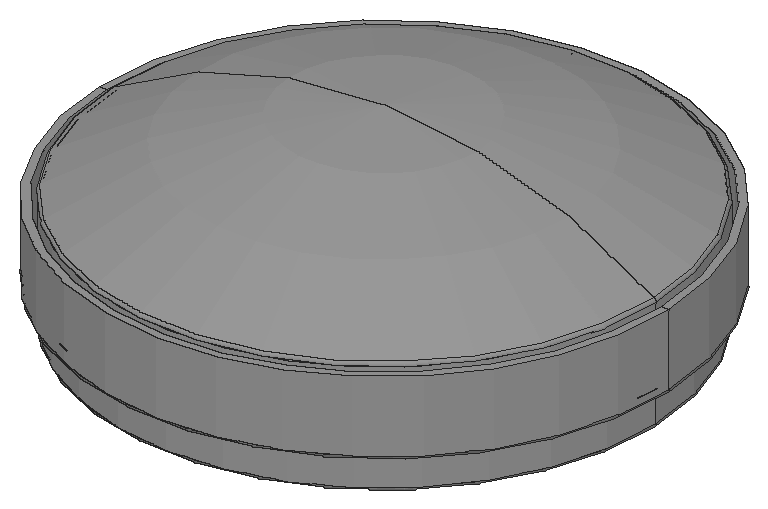
Revit family "3034769 Sylvania Lighting Fixture GIOTTO305 LED G2 3000K SURFACE 1-10V ", category Lighting Fixtures, host Face, Revit 2016
Family settings
  Host = Face
  Part Type = Normal
  Round Connector Dimension = Use Diameter
  OmniClass Number = 23.80.70.00
  OmniClass Title = Lighting
  Cut with Voids When Loaded = No
  Light Source = Yes
  Shared = No
  Room Calculation Point = No
Parameters (values of type "3034769 GIOTTO305 LED G2 3000K SURFACE 1-10V ")
  Weight = "1.11 kg"
  Wattage Comments = ""
  Wattage = 19 W
  WarrantyStartDate [instance] = "n/a"
  WarrantyGuarantorParts = "n/a"
  WarrantyDurationUnit = "n/a"
  WarrantyDurationParts = "n/a"
  WarrantyDescription = "n/a"
  built-in parameter 1150110 = 1 (stored number, unit not read)
  Voltage = 0 V
  URL = "http://www.sylvania-lighting.com"
  TypeName = "GIOTTO305 LED G2 3000K SURFACE 1-10V"
  Type Image = <None>
  Type Comments = "n/a"
  built-in parameter 1114217 = 1 (stored number, unit not read)
  Tilt Angle = -90.00°
  built-in parameter 1150109 = 1 (stored number, unit not read)
  built-in parameter 1150134 = (empty or 0)
  built-in parameter 1150113 = 1 (stored number, unit not read)
  SerialNumber [instance] = "n/a"
  Photometric Web File = "3034769.ies"
  Material_3_SYL = LED-Sylvania
  PowerFactor = 0
  PowerConsumption = "19 W"
  NominalLength = 305 mm
  NominalHeight = 104 mm
  NominalDepth = 305 mm
  Name = "GIOTTO305 LED G2 3000K SURFACE 1-10V"
  ModelReference = Name  # "GIOTTO305 LED G2 3000K SURFACE 1-10V"
  ModelNumber = "3034769"
  Model = Name  # "GIOTTO305 LED G2 3000K SURFACE 1-10V"
  Material = "polycarbonate housing, polycarbonate diffuser"
  ManufacturerName = "Feilo Sylvania"
  Manufacturer = "Feilo Sylvania"
  LuminousEfficacy = "78 lm/W"
  built-in parameter 1150105 = 117.93 (stored number, unit not read)
  Lumens = 1482 lm
  LuminaireType = ""
  built-in parameter 1150115 = 1 (stored number, unit not read)
  LightOutputRatio = "n/a"
  built-in parameter 1150137 = (empty or 0)
  built-in parameter 1150139 = (empty or 0)
  LampsType = Lamp  # "LED"
  LampNominalLuminous = "1491 lm"
  LampMacAdamStep = "n/a"
  LampColourTemperature = "3000 K"
  LampColourRenderingIndex = "80"
  built-in parameter 1150112 = 1 (stored number, unit not read)
  built-in parameter 1150114 = 1 (stored number, unit not read)
  Lamp = "LED"
  Keynote = "16500"
  InstallationDate [instance] = "n/a"
  InputVoltage = "n/a"
  InputNominalFrequency = "n/a"
  built-in parameter 1150132 = (empty or 0)
  built-in parameter 1150102 = (empty or 0)
  built-in parameter 1150107 = 3000 (stored number, unit not read)
  built-in parameter 1150138 = (empty or 0)
  IngressProtection = "IP44"
  ImpactProtectionIndex = "IK10"
  built-in parameter 1150106 = 1.1793 (stored number, unit not read)
  IfcExportType = "IfcLightFixtureType"
  IfcExportAs = "IfcLightFixtureType"
  Height_SYL = 104 mm
  ExpectedLife = 50000
  Emit from Circle Diameter = 317 mm
  Emit Shape Visible in Rendering = no
  ElectricShockClassification = "Class I"
  built-in parameter 1150104 = 7.2464 (stored number, unit not read)
  DurationUnit = "hours"
  DocumentationLiterature = "http://www.sylvania-lighting.com/product/en-int/products/3034769"
  DimmingControlOptions = "n/a"
  Material_2_SYL = Polycarbonate_Sylvania_Giotto_Opal
  Dimming Lamp Color Temperature Shift = <None>
  DiffuserRadius_SYL = 282.611 mm
  Diameter_SYL = 305 mm
  Description = "Ambient and decorative round, surface mounted LED bulkhead luminaire. White robust polycarbonate body with opal diffuser, 1491 lm, 19W, 78lm/W, 3000K, CRI 80, 1-10V dimmable, 50,000 hours lumen maintenance. Drive current: 700mA, IP44, IK10, Class I, 220-240V, Energy class: A++, A+, A."
  Default Elevation = 1219.2 mm
  CreatedOn = "11/7/2018"
  CreatedBy = "@sylvania-lighting.com"
  Cost = 0
  Color Filter = 16777215
  built-in parameter 1114216 [instance] = (empty or 0)
  ClassificationValue = "EF_70_80"
  ClassificationName = "Uniclass2015"
  Material_1_SYL = Polycarbonate_Sylvania_Giotto_White
  BarCode [instance] = "n/a"
  built-in parameter 1114218 = 1 (stored number, unit not read)
  built-in parameter 1150133 = 10 (stored number, unit not read)
  AssetType = "Fixed"
  AssetIdentifier [instance] = "n/a"
  Assembly Code = "D5020200"
  Apparent Load = 19 VA
  Material_4_SYL = none
Reference planes
  plane 1 "Center (Front/Back)": y = 0
  plane 2: z = 0
  plane 3 "Center (Left/Right)": x = 0
  plane 4: x = 152.5
  plane 5: x = -152.5
  plane 6: x = -145.5
  plane 7: x = -148.5
  plane 8: z = 104
  plane 9: z = 59
  plane 10: z = 19
  plane 11: z = 24
  plane 12: x = -150.9
  plane 13: z = 20.6
  plane 14: z = 1.6
  plane 15: x = -143.9
  plane 16: z = 18
  plane 17: x = -146.5
  plane 18: z = 25
  plane 19: z = 61
Forms (mm)
  Revolve 1, solid, material "Polycarbonate_Sylvania_Giotto_White" <- "Material_1_SYL"
    sketch origin (0, 0, 0) x (1, 0, 0) y (0, 0, 1)
      loop
        line (0, 0) -> (0, 25) -> (-143.9, 25) -> (-143.9, 24) -> (-148.5, 24) -> (-148.5, 59) -> (-152.5, 59) -> (-152.5, 20.6)
        arc (-152.5, 20.6) -> (-152.031, 19.469) -> (-150.9, 19) r 1.6
        line (-150.9, 19) -> (-146.5, 19)
        arc (-146.5, 19) -> (-145.793, 18.707) -> (-145.5, 18) r 1
        line (-145.5, 18) -> (-145.5, 1.6)
        arc (-145.5, 1.6) -> (-145.031, 0.469) -> (-143.9, 0) r 1.6
        line (-143.9, 0) -> (0, 0)
      axis (0, 59) -> (0, 0)
    angle from 360 to 0
  Revolve 2, solid, material "Polycarbonate_Sylvania_Giotto_Opal" <- "Material_2_SYL"
    sketch origin (0, 0, 0) x (1, 0, 0) y (0, 0, 1)
      loop
        line (-145.5, 24) -> (-143.9, 24) -> (-143.9, 59.636)
        arc (-143.9, 59.636) -> (-143.79, 60.068) -> (-143.485, 60.394) r 0.9
        arc (-143.485, 60.394) -> (-74.754, 91.683) -> (0, 102.4) r 266.066
        line (0, 102.4) -> (0, 104)
        arc (0, 104) -> (-75.203, 93.218) -> (-144.348, 61.742) r 267.666
        arc (-144.348, 61.742) -> (-145.193, 60.836) -> (-145.5, 59.636) r 2.5
        line (-145.5, 59.636) -> (-145.5, 24)
      axis (0, 104) -> (0, 24)
    angle from 360 to 0
Dimensions and locks
  equal spacing: plane 4, plane 3 "Center (Left/Right)", plane 5
  "Diameter_SYL": plane 4 to plane 5
  locked: plane 6 to plane 5 at 7
  locked: plane 7 to plane 5 at 4
  "Height_SYL": plane 8 to plane 2
  locked: plane 8 to plane 9 at 45
  locked: plane 9 to plane 10 at 40
  Revolve 1 sketch curve to Revolve 1 sketch curve = 4.4 mm
  locked: plane 11 to plane 10 at 5
  locked: plane 12 to plane 5 at 1.6
  locked: plane 13 to plane 10 at 1.6
  locked: plane 14 to plane 2 at 1.6
  locked: plane 15 to plane 6 at 1.6
  locked: plane 6 to plane 17 at 1
  locked: plane 10 to plane 16 at 1
  locked: plane 18 to plane 11 at 1
  locked: plane 19 to plane 9 at 2
  aligned and locked: plane 2 to host face
  aligned and locked: level to host face
  aligned and locked: Revolve 1 sketch curve to plane 3 "Center (Left/Right)"
  aligned and locked: level to Revolve 1 sketch curve
  aligned and locked: Revolve 1 sketch curve to plane 10
  aligned and locked: plane 9 to Revolve 1 sketch curve
  aligned and locked: Revolve 1 sketch curve to plane 7
  aligned and locked: plane 12 to Revolve 1 sketch curve  (x2)
  aligned and locked: plane 13 to Revolve 1 sketch curve  (x2)
  aligned and locked: plane 15 to Revolve 1 sketch curve  (x3)
  aligned and locked: plane 14 to Revolve 1 sketch curve  (x2)
  aligned and locked: plane 3 "Center (Left/Right)" to imposter light
  aligned and locked: imposter light to plane 1 "Center (Front/Back)"
  aligned and locked: plane 18 to Revolve 1 sketch curve
  aligned and locked: plane 11 to Revolve 1 sketch curve
  aligned and locked: imposter light to plane 8
  aligned and locked: plane 6 to Revolve 1 sketch curve
  aligned and locked: plane 17 to Revolve 1 sketch curve
  aligned and locked: plane 16 to Revolve 1 sketch curve
  aligned and locked: Revolve 2 sketch curve to plane 3 "Center (Left/Right)"
  aligned and locked: plane 6 to Revolve 2 sketch curve
  aligned and locked: plane 3 "Center (Left/Right)" to Revolve 2 sketch curve
  aligned and locked: plane 11 to Revolve 2 sketch curve
  aligned and locked: Revolve 2 sketch curve to imposter light
Automatic sketch dimensions
  host sketch curve to host sketch curve = 2438.4 mm  (x2)
  Revolve 1 sketch curve to plane 3 "Center (Left/Right)" = 0 mm
  Revolve 1 sketch curve to level = 609.6 mm
  Revolve 1 sketch curve to plane 8 = 2499.058 mm
  Revolve 2 sketch curve to Revolve 2 sketch curve = 0 mm  (x4)
  Revolve 2 sketch curve to plane 15 = 0 mm
  Revolve 2 sketch curve to plane 8 = 0 mm
  plane 15 to Revolve 2 sketch curve = 0.9 mm
  Revolve 2 sketch curve to level = 163.666 mm
  Revolve 2 sketch curve to plane 9 = 0.636 mm
  Revolve 2 sketch curve to Revolve 2 sketch curve = 445.934 mm
  Revolve 2 sketch curve to plane 8 = 2505.058 mm
Connectors
  electrical at (0, 0, 0), driven by "Apparent Load", driven by "PowerFactor", driven by "Voltage"
    settings: index 1, voltage 0 V, apparent load 19 VA, apparent load phase1 0 VA, apparent load phase2 0 VA, apparent load phase3 0 VA, power factor 0, load classification "Lighting", number of poles 1, system type 30, power factor state 1, is connector primary yes, connector utility no, sub classification motor no, connector description ""
